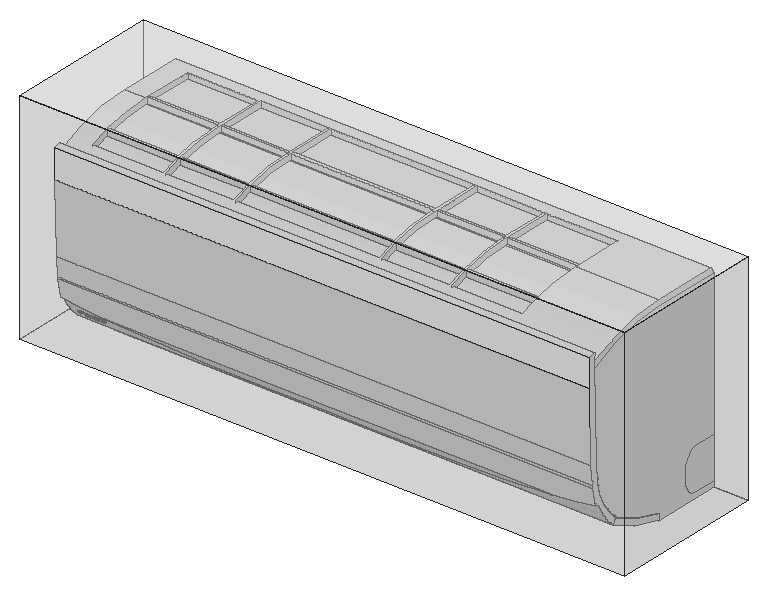
Revit family "outputfile", category 機械設備, Revit 2024
Family settings
  丸型コネクタ寸法 = 半径を使用
  パーツ タイプ = 標準
  OmniClass 番号 = 23.75.10.24.21.27.27
  OmniClass タイトル = Split System Air Conditioning Units
  作業面ベース = いいえ
  常に垂直 = はい
  ロード時にボイドで切り取り = いいえ
  注釈の向きを維持 = いいえ
  共有 = いいえ
  部屋計算ポイント = いいえ
Parameters (values of type "FTKM20Q2VMA")
  書き出し IFC クラス(タイプ) = "IfcUnitaryEquipmentType"
  定義済み IFC タイプ(タイプ) = "AIRCONDITIONINGUNIT"
  Cost = 0
  Type Comments = ""
  Keynote = ""
  Type Image = (empty or 0)
  Assembly Code = ""
  w_wall hole = if(Width = 770.0 mm, 48.0 mm, 60.0 mm)  # 48.0 mm
  製造元 = "Daikin"
  モデル = "FTKM20Q2VMA"
  switch_frequency = yes
  r_Liquid Pipe Size = Liquid Pipe Size / 2  # 3.2 mm
  r_Gas Pipe Size = Gas Pipe Size / 2  # 4.75 mm
  r_Drain Pipe Size = Drain Pipe Size / 2  # 8.0 mm
  lw_powersupply [instance] = if(Width = 770.0 mm, if(or(Rear Right Connection_refrigerant, Bottom Right Connection_refrigerant), 25.0 mm, if(or(Rear Left Connection_refrigerant, Bottom Left Connection_refrigerant), 745.0 mm, 400.0 mm)), if(Width = 990.0 mm, if(or(Rear Right Connection_refrigerant, Bottom Right Connection_refrigerant), 40.0 mm, if(or(Rear Left Connection_refrigerant, Bottom Left Connection_refrigerant), 920.0 mm, 400.0 mm)), if(or(Rear Right Connection_refrigerant, Bottom Right Connection_refrigerant), 40.0 mm, if(or(Rear Left Connection_refrigerant, Bottom Left Connection_refrigerant), 920.0 mm, 400.0 mm))))  # 400.0 mm
  lw_liquidpipe [instance] = if(Width = 770.0 mm, if(or(Rear Right Connection_refrigerant, Bottom Right Connection_refrigerant), 0.0 mm, if(or(Rear Left Connection_refrigerant, Bottom Left Connection_refrigerant), 664.0 mm, 385.0 mm)), if(Width = 990.0 mm, if(or(Rear Right Connection_refrigerant, Bottom Right Connection_refrigerant), 0.0 mm, if(or(Rear Left Connection_refrigerant, Bottom Left Connection_refrigerant), 664.0 mm + (990.0 mm - 770.0 mm), 475.0 mm)), if(or(Rear Right Connection_refrigerant, Bottom Right Connection_refrigerant), 0.0 mm, if(or(Rear Left Connection_refrigerant, Bottom Left Connection_refrigerant), 664.0 mm + (990.0 mm - 770.0 mm), 475.0 mm))))  # 385.0 mm
  lw_gaspipe [instance] = if(Width = 770.0 mm, if(or(Rear Right Connection_refrigerant, Bottom Right Connection_refrigerant), 0.0 mm, if(or(Rear Left Connection_refrigerant, Bottom Left Connection_refrigerant), 675.0 mm, if(Gas Pipe Size = 12.7 mm, 345.0 mm, 335.0 mm))), if(Width = 990.0 mm, if(or(Rear Right Connection_refrigerant, Bottom Right Connection_refrigerant), 10.0 mm, if(or(Rear Left Connection_refrigerant, Bottom Left Connection_refrigerant), 890.0 mm, if(Gas Pipe Size = 15.9 mm, 410.0 mm, 400.0 mm))), if(or(Rear Right Connection_refrigerant, Bottom Right Connection_refrigerant), 10.0 mm, if(or(Rear Left Connection_refrigerant, Bottom Left Connection_refrigerant), 890.0 mm, if(Gas Pipe Size = 15.9 mm, 410.0 mm, 400.0 mm)))))  # 335.0 mm
  lw_drainpipe [instance] = if(Width = 770.0 mm, if(or(Rear Right Connection_refrigerant, Bottom Right Connection_refrigerant), 0.0 mm, if(or(Rear Left Connection_refrigerant, Bottom Left Connection_refrigerant), 770.0 mm - 48.0 mm - 48.0 mm, 440.0 mm)), if(Width = 990.0 mm, if(or(Rear Right Connection_refrigerant, Bottom Right Connection_refrigerant), 0.0 mm, if(or(Rear Left Connection_refrigerant, Bottom Left Connection_refrigerant), 675.0 mm + (990.0 mm - 770.0 mm), 435.0 mm)), if(or(Rear Right Connection_refrigerant, Bottom Right Connection_refrigerant), 0.0 mm, if(or(Rear Left Connection_refrigerant, Bottom Left Connection_refrigerant), 675.0 mm + (990.0 mm - 770.0 mm), 435.0 mm))))  # 440.0 mm
  l_powersupply_length [instance] = if(Width = 770.0 mm, if(Right Connection_refrigerant, 400.0 mm, if(Left Connection_refrigerant, 770.0 mm - 400.0 mm, if(or(Rear Left Connection_refrigerant, Rear Right Connection_refrigerant), 15.0 mm, 50.0 mm))), if(Width = 990.0 mm, if(Right Connection_refrigerant, 400.0 mm, if(Left Connection_refrigerant, 990.0 mm - 400.0 mm, if(or(Rear Left Connection_refrigerant, Rear Right Connection_refrigerant), 15.0 mm, 50.0 mm))), if(Right Connection_refrigerant, 400.0 mm, if(Left Connection_refrigerant, 990.0 mm - 400.0 mm, if(or(Rear Left Connection_refrigerant, Rear Right Connection_refrigerant), 15.0 mm, 50.0 mm)))))  # 400.0 mm
  l_liquidpipe_length [instance] = if(Width = 770.0 mm, if(Right Connection_refrigerant, 433.0 mm, if(Left Connection_refrigerant, 337.0 mm, if(or(Rear Left Connection_refrigerant, Rear Right Connection_refrigerant), 30.0 mm, 40.0 mm))), if(Width = 990.0 mm, if(Right Connection_refrigerant, 535.0 mm, if(Left Connection_refrigerant, 455.0 mm, if(or(Rear Left Connection_refrigerant, Rear Right Connection_refrigerant), 30.0 mm, 40.0 mm))), if(Right Connection_refrigerant, 535.0 mm, if(Left Connection_refrigerant, 455.0 mm, if(or(Rear Left Connection_refrigerant, Rear Right Connection_refrigerant), 30.0 mm, 40.0 mm)))))  # 433.0 mm
  l_gaspipe_length [instance] = if(Width = 770.0 mm, if(Right Connection_refrigerant, if(Gas Pipe Size = 12.7 mm, 393.0 mm, 383.0 mm), if(Left Connection_refrigerant, if(Gas Pipe Size = 12.7 mm, 770.0 mm - 393.0 mm, 770.0 mm - 383.0 mm), if(or(Rear Left Connection_refrigerant, Rear Right Connection_refrigerant), 40.0 mm, 50.0 mm))), if(Width = 990.0 mm, if(Right Connection_refrigerant, if(Gas Pipe Size = 15.9 mm, 470.0 mm, 460.0 mm), if(Left Connection_refrigerant, if(Gas Pipe Size = 15.9 mm, 990.0 mm - 470.0 mm, 990.0 mm - 460.0 mm), if(or(Rear Left Connection_refrigerant, Rear Right Connection_refrigerant), 40.0 mm, 50.0 mm))), if(Right Connection_refrigerant, if(Gas Pipe Size = 15.9 mm, 470.0 mm, 460.0 mm), if(Left Connection_refrigerant, if(Gas Pipe Size = 15.9 mm, 990.0 mm - 470.0 mm, 990.0 mm - 460.0 mm), if(or(Rear Left Connection_refrigerant, Rear Right Connection_refrigerant), 40.0 mm, 50.0 mm)))))  # 383.0 mm
  l_drainpipe_length [instance] = if(Width = 770.0 mm, if(Right Connection_refrigerant, 488.0 mm, if(Left Connection_refrigerant, 282.0 mm, if(or(Rear Left Connection_refrigerant, Rear Right Connection_refrigerant), 15.0 mm, 20.0 mm))), if(Width = 990.0 mm, if(Right Connection_refrigerant, 495.0 mm, if(Left Connection_refrigerant, 495.0 mm, if(or(Rear Left Connection_refrigerant, Rear Right Connection_refrigerant), 15.0 mm, 20.0 mm))), if(Right Connection_refrigerant, 495.0 mm, if(Left Connection_refrigerant, 495.0 mm, if(or(Rear Left Connection_refrigerant, Rear Right Connection_refrigerant), 15.0 mm, 20.0 mm)))))  # 488.0 mm
  h*** = 0.0 mm  # constant formula
  connector_voltage = Voltage_50Hz  # 230 V
  connector_powerinput = [Power Input (Cooling)]  # 0.000 kW
  connector_phase = Phase_50Hz  # 1
  angle_vertical [instance] = if(or(Bottom Left Connection_refrigerant, Bottom Right Connection_refrigerant), 0.00°, 90.00°)  # 90.00°
  angle_horizontal [instance] = if(Right Connection_refrigerant, 90.00°, if(Left Connection_refrigerant, -90.00°, if(or(Rear Left Connection_refrigerant, Rear Right Connection_refrigerant), 180.00°, 0.00°)))  # 90.00°
  Width = 770.0 mm
  Voltage_comment_50Hz = "220 - 240"
  Voltage_50Hz = 230 V
  Version = "ver.1.0"
  Unit Type = "Wall Mounted"
  Unit Mass Weight = 9.00 kg
  Unit Designation [instance] = ""
  Uniclass2015Version = "Products v1.30"
  Uniclass2015Title = "Split coil room air conditioning units"
  Uniclass2015Code = "Pr_70_65_03_86"
  URL = ""
  Total Cooling Capacity [instance] = 0.000 kW
  Sound Pressure Level_M speed (dBA) = 32
  Sound Pressure Level_L speed (dBA) = 25
  Sound Pressure Level_H speed (dBA) = 38
  Sound Power Level_H speed (dB) = 0
  Series = "Single Split_Fan Coil Unit"
  Sensible Cooling Capacity [instance] = 0.000 kW
  Refrigerant Type = "R32"
  Power Input (Cooling) = 0.000 kW
  Phase_50Hz = 1
  Option Accessory 3 [instance] = ""
  Option Accessory 2 [instance] = ""
  Option Accessory 1 [instance] = ""
  Nominal Cooling Capacity = 2.000 kW
  Minimum Circuit Amps_50Hz = 0.0 A
  Minimum Airflow = 300.00 m³/h
  Median Airflow = 426.00 m³/h
  Maximum Fuse Amps_50Hz = 0.0 A
  Maximum Airflow = 546.00 m³/h
  Material_Casing = DAIKIN_PureWhite_Casing_indoorunit
  Load Classification = HVAC
  Liquid Pipe Size = 6.4 mm
  Link_Nested Family [instance] = ""
  IfcVersion = ""
  IfcExportType = "AIRCONDITIONINGUNIT"
  IfcExportAs = "IfcUnitaryEquipmentType"
  Height = 285.0 mm
  Heat Exchanger Type = "Cross Fin Coil"
  Gas Pipe Size = 9.5 mm
  Frequency_50Hz = 50 Hz
  Fan Type = "Cross Flow Fan"
  Fan Drive = "Direct Drive"
  FCU Tag No. [instance] = ""
  Drain Pipe Size = 16.0 mm
  Design Supply Airflow [instance] = 0.00 m³/h
  Description = ""
  Depth = 223.0 mm
  既定の高さ = 0.0 mm
  Cooling Entering Wet Bulb Temperature [instance] = 0.00 °C
  Cooling Entering Dry Bulb Temperature [instance] = 0.00 °C
  Cooling Ambient Wet Bulb Temperature [instance] = 0.00 °C
  Cooling Ambient Dry Bulb Temperature [instance] = 0.00 °C
  Clearance visibility [instance] = yes
  Clearance Top = 30.0 mm
  Clearance Right = 50.0 mm
  Clearance Rear = 0.0 mm
  Clearance Left = 50.0 mm
  Clearance Front = 0.0 mm
  Clearance Bottom = 0.0 mm
  Bottom Right Connection_refrigerant [instance] = no
  Bottom Left Connection_refrigerant [instance] = no
  Rear Right Connection_refrigerant [instance] = no
  Rear Left Connection_refrigerant [instance] = no
  Right Connection_refrigerant [instance] = yes
  Left Connection_refrigerant [instance] = no
Reference planes
  plane 1 "Back": y = 0
  plane 2: z = 0
  plane 3 "Center (Left/Right)": x = 0
  plane 4 "Center (Front/Back)": y = -111.5
  plane 5 "Front": y = -223
  plane 6 "Left": x = -385
  plane 7 "Right": x = 385
  plane 8 "Top": z = 0
  plane 9 "Bottom": z = -285
  plane 10: x = -435
  plane 11: x = 435
  plane 12: y = 0
  plane 13: y = -223
  plane 14: z = 30
  plane 15: z = -285
  plane 16 "lw_Piping and Wiring intake": x = 337
  plane 17 "lw_gaspipe": x = 2
  plane 18 "lw_liquidpipe": x = -48
  plane 19 "lw_drainpipe": x = -103
  plane 20 "lh_drainpipe": z = -265
  plane 21 "lh_liquidpipe": z = -245
  plane 22 "lh_gaspipe": z = -235
  plane 23 "ld_drainpipe": y = -15
  plane 24 "ld_liquidpipe": y = -30
  plane 25 "ld_gaspipe": y = -40
  plane 26 "lw_powersupply": x = -15
Dimensions and locks
  equal spacing: plane 6 "Left", plane 3 "Center (Left/Right)", plane 7 "Right"
  "Width": plane 6 "Left" to plane 7 "Right"
  equal spacing: plane 5 "Front", plane 4 "Center (Front/Back)", plane 1 "Back"
  "Depth": plane 5 "Front" to plane 1 "Back"
  "Height": plane 8 "Top" to plane 9 "Bottom"
  "Clearance Rear": plane 12 to plane 1 "Back"
  "Clearance Front": plane 13 to plane 5 "Front"
  "Clearance Top": plane 14 to plane 8 "Top"
  "Clearance Bottom": plane 9 "Bottom" to plane 15
  "w_wall hole": plane 16 "lw_Piping and Wiring intake" to plane 7 "Right"
  "lw_gaspipe": plane 17 "lw_gaspipe" to plane 16 "lw_Piping and Wiring intake"
  "lw_liquidpipe": plane 18 "lw_liquidpipe" to plane 16 "lw_Piping and Wiring intake"
  "lw_drainpipe": plane 19 "lw_drainpipe" to plane 16 "lw_Piping and Wiring intake"
  locked: plane 20 "lh_drainpipe" to plane 9 "Bottom" at 20
  locked: plane 21 "lh_liquidpipe" to plane 9 "Bottom" at 40
  locked: plane 22 "lh_gaspipe" to plane 9 "Bottom" at 50
  locked: plane 23 "ld_drainpipe" to plane 1 "Back" at 15
  locked: plane 1 "Back" to plane 24 "ld_liquidpipe" at 30
  locked: plane 1 "Back" to plane 25 "ld_gaspipe" at 40
  "lw_powersupply": plane 26 "lw_powersupply" to plane 7 "Right"
  "Clearance Right": plane 7 "Right" to plane 11
  "Clearance Left": plane 10 to plane 6 "Left"
  aligned and locked: level to plane 2
  aligned and locked: plane 12 to nested 1
  aligned and locked: nested 1 to plane 13
  aligned and locked: plane 10 to nested 1
  aligned and locked: plane 11 to nested 1
  aligned and locked: plane 15 to nested 1
  aligned and locked: plane 14 to nested 1
  aligned and locked: plane 17 "lw_gaspipe" to nested 2
  aligned and locked: nested 2 to plane 25 "ld_gaspipe"
  aligned and locked: plane 18 "lw_liquidpipe" to nested 3
  aligned and locked: nested 3 to plane 24 "ld_liquidpipe"
  aligned and locked: plane 19 "lw_drainpipe" to nested 4
  aligned and locked: nested 4 to plane 23 "ld_drainpipe"
  aligned and locked: nested 5 to plane 23 "ld_drainpipe"
  aligned and locked: plane 26 "lw_powersupply" to nested 5
  aligned and locked: level to plane 8 "Top"
  aligned and locked: plane 3 "Center (Left/Right)" to nested 6
  aligned and locked: plane 1 "Back" to nested 6
  aligned and locked: plane 8 "Top" to nested 6
Nested families
  nested 1: "daikin_clearancespace" at (0, -111.5, -127.381), show <- "Clearance visibility", visible <- "Clearance visibility", Link_Nested Family <- "Link_Nested Family", type "daikin_clearancespace"
    with width 870.0 mm, show yes, height 315.0 mm, depth 223.0 mm, Link_Nested Family ""
  nested 2: "daikin_connector_rotate3" at (2, -40, -235), angle_vertical <- "angle_vertical", angle_horizontal <- "angle_horizontal", length <- "l_gaspipe_length", radius <- "r_Gas Pipe Size", type "daikin_connector_rotate3"
    with show no, radius 4.75 mm, length 383.0 mm, angle_vertical 90.00°, angle_horizontal 90.00°
  nested 3: "daikin_connector_rotate3" at (-48, -30, -245), angle_vertical <- "angle_vertical", angle_horizontal <- "angle_horizontal", radius <- "r_Liquid Pipe Size", length <- "l_liquidpipe_length", type "daikin_connector_rotate3"
    with show no, radius 3.2 mm, length 433.0 mm, angle_vertical 90.00°, angle_horizontal 90.00°
  nested 4: "daikin_connector_rotate3" at (-103, -15, -265), angle_vertical <- "angle_vertical", angle_horizontal <- "angle_horizontal", length <- "l_drainpipe_length", radius <- "r_Drain Pipe Size", type "daikin_connector_rotate3"
    with show no, radius 8.0 mm, length 488.0 mm, angle_vertical 90.00°, angle_horizontal 90.00°
  nested 5: "daikin_connector_rotate3" at (-15, -15, -235), angle_vertical <- "angle_vertical", angle_horizontal <- "angle_horizontal", length <- "l_powersupply_length", type "daikin_connector_rotate3"
    with show no, radius 10.0 mm, length 400.0 mm, angle_vertical 90.00°, angle_horizontal 90.00°
  nested 6: "DAIKIN_indoorunit_FTKM-Q2VMA" at (-31, 0, 0), type "FTKM-Q2VMA"
Connectors
  piping at (385, -40, -235), diameter 9.5, driven by "r_Gas Pipe Size"
    settings: on nested 2, index 1, connector inside diameter 609.6 mm, connector length 0.0 mm, flow factor 0, pipe flow 0.00 m³/h, pressure drop 0.0 Pa, fitting loss kfactor 0, connector angle 0.00°, fixture units 0, engagement length 0.0 mm, angle of deflection 0.00°, flow configuration 1, flow direction 2, fitting loss method 0, system type 29, joint type 0, gender type 0, connector reference index -1, connector utility 0, adjustable connector no, is connector primary yes, connector description "Refrigerant Gas Piping"
  piping at (385, -30, -245), diameter 6.4, driven by "r_Liquid Pipe Size"
    settings: on nested 3, index 2, connector inside diameter 609.6 mm, connector length 0.0 mm, flow factor 0, pipe flow 0.00 m³/h, pressure drop 0.0 Pa, fitting loss kfactor 0, connector angle 0.00°, fixture units 0, engagement length 0.0 mm, angle of deflection 0.00°, flow configuration 1, flow direction 1, fitting loss method 0, system type 29, joint type 0, gender type 0, connector reference index -1, connector utility 0, adjustable connector no, is connector primary no, connector description "Refrigerant Liquid Piping"
  piping at (385, -15, -265), diameter 16, driven by "r_Drain Pipe Size"
    settings: on nested 4, index 3, connector inside diameter 609.6 mm, connector length 0.0 mm, flow factor 0, pipe flow 0.00 m³/h, pressure drop 0.0 Pa, fitting loss kfactor 0, connector angle 0.00°, fixture units 0, engagement length 0.0 mm, angle of deflection 0.00°, flow configuration 1, flow direction 2, fitting loss method 4, system type 16, joint type 0, gender type 0, connector reference index -1, connector utility 0, adjustable connector no, is connector primary no, connector description "Condensate Drain Piping"
  electrical at (385, -15, -235), driven by "Load Classification", driven by "connector_powerinput", driven by "connector_voltage", driven by "connector_phase"
    settings: on nested 5, index 4, voltage 230 V, apparent load 0 VA, apparent load phase1 0 VA, apparent load phase2 0 VA, apparent load phase3 0 VA, power factor 1, load classification "HVAC", number of poles 1, system type 30, power factor state 1, is connector primary yes, connector utility no, sub classification motor no, connector description "Power Supply"
Definition of nested family "daikin_clearancespace"
  Parameters (values of type "daikin_clearancespace")
    Description = "daikin_clearancespace"
    width [instance] = 1823.963 mm
    show [instance] = yes
    material = none
    height [instance] = 1359.762 mm
    depth [instance] = 880.0 mm
    Default Elevation = 0.0 mm
    Link_Nested Family [instance] = ""
  Reference planes
    plane 1 "Center (Front/Back)": y = 0
    plane 2 "Center (Elevation)": z = -0.119
    plane 3 "Center (Left/Right)": x = 0
    plane 4: y = 440
    plane 5: y = -440
    plane 6 "Right": x = 911.982
    plane 7 "Left": x = -911.982
    plane 8 "Top": z = 679.762
    plane 9 "Bottom": z = -680
  Forms (mm)
    Extrusion 1, solid, material <- "material", visible <- "show"
      sketch origin (0, 0, 0) x (1, 0, 0) y (0, 1, 0)
        loop
          line (-911.982, 440) -> (-911.982, -440) -> (911.982, -440) -> (911.982, 440) -> (-911.982, 440)
      from -680 to 679.762
  Lines and regions (mm)
    symbolic lines, visible <- "show"
      curve 1: line (911.982, 440, 0) -> (-911.982, 440, 0)
      curve 2: line (-911.982, 440, 0) -> (-911.982, -440, 0)
      curve 3: line (-911.982, -440, 0) -> (911.982, -440, 0)
      curve 4: line (911.982, -440, 0) -> (911.982, 440, 0)
      curve 5: line (911.982, 0, 679.762) -> (-911.982, 0, 679.762)
      curve 6: line (911.982, 0, -680) -> (911.982, 0, 679.762)
      curve 7: line (-911.982, 0, -680) -> (911.982, 0, -680)
      curve 8: line (-911.982, 0, 679.762) -> (-911.982, 0, -680)
      curve 9: line (0, 440, 679.762) -> (0, -440, 679.762)
      curve 10: line (0, -440, 679.762) -> (0, -440, -680)
      curve 11: line (0, 440, -680) -> (0, 440, 679.762)
      curve 12: line (0, -440, -680) -> (0, 440, -680)
  Dimensions and locks
    "width": plane 7 "Left" to plane 6 "Right"
    "depth": plane 4 to plane 5
    "height": plane 8 "Top" to plane 9 "Bottom"
    equal spacing: plane 7 "Left", plane 3 "Center (Left/Right)", plane 6 "Right"
    equal spacing: plane 4, plane 1 "Center (Front/Back)", plane 5
    equal spacing: plane 8 "Top", plane 2 "Center (Elevation)", plane 9 "Bottom"
    aligned and locked: level to plane 2 "Center (Elevation)"
    aligned and locked: Extrusion 1 sketch curve to plane 4
    aligned and locked: plane 7 "Left" to Extrusion 1 sketch curve
    aligned and locked: Extrusion 1 sketch curve to plane 5
    aligned and locked: Extrusion 1 sketch curve to plane 6 "Right"
    aligned and locked: plane 8 "Top" to Extrusion 1
    aligned and locked: curve 1 to Extrusion 1
    aligned and locked: curve 2 to Extrusion 1
    aligned and locked: curve 3 to Extrusion 1
    aligned and locked: curve 4 to Extrusion 1
    aligned and locked: curve 5 to Extrusion 1
    aligned and locked: curve 6 to Extrusion 1
    aligned and locked: curve 7 to Extrusion 1
    aligned and locked: curve 8 to Extrusion 1
    aligned and locked: curve 9 to Extrusion 1
    aligned and locked: curve 10 to Extrusion 1
    aligned and locked: curve 11 to Extrusion 1
    aligned and locked: curve 12 to Extrusion 1
    aligned and locked: Extrusion 1 to plane 9 "Bottom"
Definition of nested family "DAIKIN_indoorunit_FTKM-Q2VMA"
  Parameters (values of type "FTKM-QVMA")
    switch_unit1_50-71 = Width = 990.0 mm  # no
    switch_unit1_20-46 = Width = 770.0 mm  # yes
    Width = 770.0 mm
    WALL HOLE-R = if(Width = 770.0 mm, 48.0 mm, 60.0 mm)  # 48.0 mm
    WALL HOLE Size = if(Width = 770.0 mm, 65.0 mm, 80.0 mm)  # 65.0 mm
    Material_Casing = none
    Height = if(Width = 770.0 mm, 285.0 mm, 295.0 mm)  # 285.0 mm
    Default Elevation = 0.0 mm
  Reference planes
    plane 1 "Center (Front/Back)": y = 0
    plane 2 "reference_level": z = 0
    plane 3 "Center (Left/Right)": x = 31
    plane 4: x = -354
    plane 5: x = 416
    plane 6: z = -285
  Forms (mm)
    Extrusion 1, solid, material <- "Material_Casing", visible <- "switch_unit1_20-46"
      sketch origin (29, 0, 0) x (0, 1, 0) y (0, 0, 1)
        loop
          line (-5, 0) -> (-98, 0)
          arc (-98, 0) -> (-157.611, -7.211) -> (-213.783, -28.427) r 250
          arc (-213.783, -28.427) -> (-213.842, -32.972) -> (-213.892, -37.516) r 2191
          arc (-213.892, -37.516) -> (-157.832, -15.495) -> (-98.07, -8) r 242
          line (-98.07, -8) -> (0, -8) -> (-5, 0)
      from -383 to 387
    Extrusion 2, solid, material <- "Material_Casing", visible <- "switch_unit1_20-46"
      sketch origin (416, 1296.25, 1200) x (0, 1, 0) y (0, 0, 1)
        loop
          line (-1472.998, -1446.91) -> (-1476.998, -1453.839)
          arc (-1476.998, -1453.839) -> (-1437.481, -1472.422) -> (-1395.25, -1483.538) r 240
          line (-1395.25, -1483.538) -> (-1395.25, -1475.422)
          arc (-1395.25, -1475.422) -> (-1435.407, -1464.663) -> (-1472.998, -1446.91) r 232
      from 0 to -47.5
    Extrusion 3, solid, material <- "Material_Casing", visible <- "switch_unit1_20-46"
      sketch origin (29, 0, 0) x (0, 1, 0) y (0, 0, 1)
        loop
          arc (-223, -60.455) -> (-222.414, -110.646) -> (-220.656, -160.81) r 2149.92
          arc (-220.656, -160.81) -> (-219.65, -174.299) -> (-217.853, -187.706) r 229.911
          arc (-217.853, -187.706) -> (-205.371, -223.594) -> (-181.517, -253.17) r 111
          line (-181.517, -253.17) -> (-177.429, -246.093)
          arc (-177.429, -246.093) -> (-198.77, -218.989) -> (-209.965, -186.36) r 103
          arc (-209.965, -186.36) -> (-211.681, -173.586) -> (-212.651, -160.735) r 221.844
          arc (-212.651, -160.735) -> (-214.739, -93.233) -> (-214.74, -25.699) r 2186.828
          arc (-214.74, -25.699) -> (-214.671, -21.467) -> (-214.594, -17.235) r 2192
          line (-214.594, -17.235) -> (-223, -19.961) -> (-223, -60.455)
      from -383 to 387
    Extrusion 4, solid, material <- "Material_Casing", visible <- "switch_unit1_20-46"
      sketch origin (29, 0, 0) x (0, 1, 0) y (0, 0, 1)
        loop
          line (-181.517, -253.17) -> (-179.597, -249.846)
          arc (-179.597, -249.846) -> (-202.009, -221.399) -> (-213.189, -186.952) r 103
          line (-213.189, -186.952) -> (-217.853, -187.706)
          arc (-217.853, -187.706) -> (-217.533, -189.556) -> (-217.182, -191.4) r 111
          arc (-217.182, -191.4) -> (-213.806, -208.181) -> (-210.362, -224.948) r 4257.809
          arc (-210.362, -224.948) -> (-198.886, -237.857) -> (-186.225, -249.607) r 180
          line (-186.225, -249.607) -> (-181.517, -253.17)
      from -383 to 387
    Extrusion 5, solid, material <- "Material_Casing", visible <- "switch_unit1_20-46"
      sketch origin (29, 0, -20) x (0, 1, 0) y (0, 0, 1)
        loop
          line (0, -265) -> (0, 12) -> (-98.07, 12)
          arc (-98.07, 12) -> (-157.832, 4.505) -> (-213.892, -17.516) r 242
          arc (-213.892, -17.516) -> (-213.638, -79.114) -> (-211.653, -140.681) r 2191
          arc (-211.653, -140.681) -> (-210.685, -153.501) -> (-208.973, -166.243) r 221
          arc (-208.973, -166.243) -> (-197.471, -199.282) -> (-175.482, -226.491) r 102
          arc (-175.482, -226.491) -> (-138.004, -244.019) -> (-98, -254.579) r 231
          line (-98, -254.579) -> (-98, -265) -> (0, -265)
      from -383 to 387
    Extrusion 6, solid, material <- "Material_Casing", visible <- "switch_unit1_20-46"
      sketch origin (-354, 1296.25, 1200) x (0, 1, 0) y (0, 0, 1)
        loop
          line (-1472.998, -1446.91) -> (-1476.998, -1453.839)
          arc (-1476.998, -1453.839) -> (-1437.481, -1472.422) -> (-1395.25, -1483.538) r 240
          line (-1395.25, -1483.538) -> (-1395.25, -1475.422)
          arc (-1395.25, -1475.422) -> (-1435.407, -1464.663) -> (-1472.998, -1446.91) r 232
      from 47 to 0
    Extrusion 7, solid, material <- "Material_Casing", visible <- "switch_unit1_20-46"
      sketch origin (416, 1296.25, 1200) x (0, 1, 0) y (0, 0, 1)
        loop
          line (-1472.998, -1446.91) -> (-1476.998, -1453.839)
          arc (-1476.998, -1453.839) -> (-1443.437, -1470.168) -> (-1407.75, -1481.097) r 240
          line (-1407.75, -1481.097) -> (-1407.75, -1472.894)
          arc (-1407.75, -1472.894) -> (-1441.363, -1462.385) -> (-1472.998, -1446.91) r 232
      from -116.993 to -48.493
    Extrusion 8, solid, material <- "Material_Casing", visible <- "switch_unit1_20-46"
      sketch origin (416, 1296.25, 1200) x (0, 1, 0) y (0, 0, 1)
        loop
          line (-1472.998, -1446.91) -> (-1476.998, -1453.839)
          arc (-1476.998, -1453.839) -> (-1443.437, -1470.168) -> (-1407.75, -1481.097) r 240
          line (-1407.75, -1481.097) -> (-1407.75, -1472.894)
          arc (-1407.75, -1472.894) -> (-1441.363, -1462.385) -> (-1472.998, -1446.91) r 232
      from -717 to -121.993
    Extrusion 9, void
      sketch origin (31, 0, -235) x (1, 0, 0) y (0, 1, 0)
        loop
          line (-252.674, -22.316) -> (-354.941, -22.316) -> (-354.941, -91.341) -> (-252.674, -91.341) -> (-252.674, -22.316)
        loop
          line (-249.341, -91.341) -> (-151.574, -91.341) -> (-151.574, -22.316) -> (-249.341, -22.316) -> (-249.341, -91.341)
        loop
          line (58.309, -22.316) -> (-148.309, -22.316) -> (-148.309, -91.341) -> (58.309, -91.341) -> (58.309, -22.316)
        loop
          line (61.689, -22.316) -> (61.689, -91.341) -> (159.457, -91.341) -> (159.457, -22.316) -> (61.689, -22.316)
        loop
          line (162.789, -22.316) -> (162.789, -91.341) -> (265.057, -91.341) -> (265.057, -22.316) -> (162.789, -22.316)
        loop
          line (-354.941, -94.659) -> (-354.941, -165.259) -> (-252.674, -165.259) -> (-252.674, -94.659) -> (-354.941, -94.659)
        loop
          line (-249.341, -94.659) -> (-249.341, -165.259) -> (-151.574, -165.259) -> (-151.574, -94.659) -> (-249.341, -94.659)
        loop
          line (-148.309, -94.659) -> (-148.309, -165.259) -> (58.309, -165.259) -> (58.309, -94.659) -> (-148.309, -94.659)
        loop
          line (61.689, -94.659) -> (61.689, -165.259) -> (159.457, -165.259) -> (159.457, -94.659) -> (61.689, -94.659)
        loop
          line (162.789, -94.659) -> (162.789, -165.259) -> (265.057, -165.259) -> (265.057, -94.659) -> (162.789, -94.659)
        loop
          line (-354.941, -167.382) -> (-354.941, -192.681) -> (-252.674, -192.681) -> (-252.674, -167.382) -> (-354.941, -167.382)
        loop
          line (-249.341, -167.382) -> (-249.341, -192.681) -> (-151.574, -192.681) -> (-151.574, -167.382) -> (-249.341, -167.382)
        loop
          line (-148.309, -167.382) -> (-148.309, -192.681) -> (58.309, -192.681) -> (58.309, -167.382) -> (-148.309, -167.382)
        loop
          line (159.457, -167.382) -> (61.689, -167.382) -> (61.689, -192.681) -> (159.457, -192.681) -> (159.457, -167.382)
        loop
          line (265.057, -167.382) -> (162.789, -167.382) -> (162.789, -192.681) -> (265.057, -192.681) -> (265.057, -167.382)
      from 201.638 to 250
    Extrusion 10, void
      sketch origin (31, 0, 0) x (1, 0, 0) y (0, 0, 1)
        loop
          arc (597, -174.907) -> (0.056, -245.263) -> (-597, -175.856) r 2585.042
          line (-597, -175.856) -> (-597, -352.872) -> (597, -352.872) -> (597, -174.907)
      from 173 to 315.3
    Extrusion 11, solid, material <- "Material_Casing"
      sketch origin (31, 0, 0) x (1, 0, 0) y (0, 0, 1)
        loop
          circle (337, -240.5) r 32.5
        loop
          circle (-337, -240.5) r 32.5
      from 0 to 5
    Extrusion 12, solid, material <- "Material_Casing", visible <- "switch_unit1_20-46"
      sketch origin (416, 1296.25, 1200) x (0, -1, 0) y (0, 0, 1)
        loop
          line (1326.25, -1417) -> (1296.25, -1417) -> (1296.25, -1477) -> (1326.25, -1477)
          arc (1326.25, -1477) -> (1340.393, -1471.142) -> (1346.25, -1457) r 20
          line (1346.25, -1457) -> (1346.25, -1437)
          arc (1346.25, -1437) -> (1340.393, -1422.858) -> (1326.25, -1417) r 20
      from 0 to 5
    Extrusion 13, solid, material <- "Material_Casing", visible <- "switch_unit1_20-46"
      sketch origin (-354, 1296.25, 1200) x (0, 1, 0) y (0, 0, 1)
        loop
          line (-1296.25, -1417) -> (-1326.25, -1417)
          arc (-1326.25, -1417) -> (-1340.393, -1422.858) -> (-1346.25, -1437) r 20
          line (-1346.25, -1437) -> (-1346.25, -1457)
          arc (-1346.25, -1457) -> (-1340.393, -1471.142) -> (-1326.25, -1477) r 20
          line (-1326.25, -1477) -> (-1296.25, -1477) -> (-1296.25, -1417)
      from 0 to 5
    Extrusion 14, solid, material <- "Material_Casing", visible <- "switch_unit1_20-46"
      sketch origin (31, 0, -285) x (-1, 0, 0) y (0, -1, 0)
        loop
          line (-314, 0) -> (-314, 30)
          arc (-314, 30) -> (-319.858, 44.142) -> (-334, 50) r 20
          line (-334, 50) -> (-354, 50)
          arc (-354, 50) -> (-368.142, 44.142) -> (-374, 30) r 20
          line (-374, 30) -> (-374, 0) -> (-314, 0)
        loop
          line (374, 0) -> (374, 30)
          arc (374, 30) -> (368.142, 44.142) -> (354, 50) r 20
          line (354, 50) -> (334, 50)
          arc (334, 50) -> (319.858, 44.142) -> (314, 30) r 20
          line (314, 30) -> (314, 0) -> (374, 0)
      from 0 to 5
    Extrusion 15, solid, material <- "Material_Casing", visible <- "switch_unit1_50-71"
      sketch origin (31, 0, 0) x (0, 1, 0) y (0, 0, 1)
        loop
          line (-5, 0) -> (-138, 0)
          arc (-138, 0) -> (-197.611, -7.211) -> (-253.783, -28.427) r 250
          arc (-253.783, -28.427) -> (-253.838, -32.687) -> (-253.886, -36.946) r 2191
          arc (-253.886, -36.946) -> (-197.73, -15.346) -> (-138.014, -8) r 246.393
          line (-138.014, -8) -> (0, -8) -> (-5, 0)
      from -495 to 495
    Extrusion 16, solid, material <- "Material_Casing", visible <- "switch_unit1_50-71"
      sketch origin (418, 1296.25, 1200) x (0, 1, 0) y (0, 0, 1)
        loop
          arc (-1515.208, -1454.149) -> (-1506.856, -1460.599) -> (-1497.925, -1466.219) r 110
          arc (-1497.925, -1466.219) -> (-1445.718, -1487.493) -> (-1389.844, -1494.995) r 223
          line (-1389.844, -1494.995) -> (-1389.844, -1486.086) -> (-1404.386, -1486.086)
          arc (-1404.386, -1486.086) -> (-1449.542, -1477.46) -> (-1491.818, -1459.402) r 214.289
          arc (-1491.818, -1459.402) -> (-1501.056, -1453.541) -> (-1509.606, -1446.715) r 101
          line (-1509.606, -1446.715) -> (-1515.208, -1454.149)
      from 108 to 57.5
    Extrusion 17, solid, material <- "Material_Casing", visible <- "switch_unit1_50-71"
      sketch origin (31, 0, 0) x (0, 1, 0) y (0, 0, 1)
        loop
          line (-263, -19.962) -> (-263, -61.6)
          arc (-263, -61.6) -> (-262.414, -110.219) -> (-260.656, -158.81) r 2017.341
          arc (-260.656, -158.81) -> (-255.648, -191.935) -> (-244.041, -223.362) r 164.725
          arc (-244.041, -223.362) -> (-233.569, -239.793) -> (-219.717, -253.495) r 87.379
          line (-219.717, -253.495) -> (-214.706, -246.846)
          arc (-214.706, -246.846) -> (-229.564, -230.029) -> (-240.385, -210.371) r 102
          arc (-240.385, -210.371) -> (-249.049, -182.962) -> (-252.848, -154.467) r 165.789
          arc (-252.848, -154.467) -> (-254.771, -90.102) -> (-254.74, -25.708) r 2122.533
          arc (-254.74, -25.708) -> (-254.671, -21.469) -> (-254.594, -17.23) r 2192
          line (-254.594, -17.23) -> (-263, -19.962)
      from -495 to 495
    Extrusion 18, void
      sketch origin (33, 0, 0) x (1, 0, 0) y (0, 1, 0)
        loop
          line (-466.909, -22.316) -> (-466.909, -111.341) -> (-366.303, -111.341) -> (-366.303, -22.316) -> (-466.909, -22.316)
        loop
          line (-362.71, -22.316) -> (-362.71, -111.341) -> (-262.103, -111.341) -> (-262.103, -22.316) -> (-362.71, -22.316)
        loop
          line (-258.51, -22.316) -> (-258.51, -111.341) -> (-157.904, -111.341) -> (-157.904, -22.316) -> (-258.51, -22.316)
        loop
          line (-154.31, -22.316) -> (-154.31, -111.341) -> (-53.704, -111.341) -> (-53.704, -22.316) -> (-154.31, -22.316)
        loop
          line (-50.11, -22.316) -> (-50.11, -111.341) -> (50.496, -111.341) -> (50.496, -22.316) -> (-50.11, -22.316)
        loop
          line (54.089, -22.316) -> (54.089, -111.341) -> (154.696, -111.341) -> (154.696, -22.316) -> (54.089, -22.316)
        loop
          line (158.289, -22.316) -> (158.289, -111.341) -> (258.895, -111.341) -> (258.895, -22.316) -> (158.289, -22.316)
        loop
          line (262.489, -22.316) -> (262.489, -111.341) -> (363.095, -111.341) -> (363.095, -22.316) -> (262.489, -22.316)
        loop
          line (-466.909, -114.459) -> (-466.909, -185.059) -> (-366.303, -185.059) -> (-366.303, -114.459) -> (-466.909, -114.459)
        loop
          line (-362.71, -114.459) -> (-362.71, -185.059) -> (-262.103, -185.059) -> (-262.103, -114.459) -> (-362.71, -114.459)
        loop
          line (-258.51, -114.459) -> (-258.51, -185.059) -> (-157.904, -185.059) -> (-157.904, -114.459) -> (-258.51, -114.459)
        loop
          line (-154.31, -114.459) -> (-154.31, -185.059) -> (-53.704, -185.059) -> (-53.704, -114.459) -> (-154.31, -114.459)
        loop
          line (-50.11, -114.459) -> (-50.11, -185.059) -> (50.496, -185.059) -> (50.496, -114.459) -> (-50.11, -114.459)
        loop
          line (54.089, -114.459) -> (54.089, -185.059) -> (154.696, -185.059) -> (154.696, -114.459) -> (54.089, -114.459)
        loop
          line (158.289, -114.459) -> (158.289, -185.059) -> (258.895, -185.059) -> (258.895, -114.459) -> (158.289, -114.459)
        loop
          line (262.489, -114.459) -> (262.489, -185.059) -> (363.095, -185.059) -> (363.095, -114.459) -> (262.489, -114.459)
        loop
          line (-466.909, -187.382) -> (-466.909, -232.681) -> (-366.303, -232.681) -> (-366.303, -187.382) -> (-466.909, -187.382)
        loop
          line (-362.71, -187.382) -> (-362.71, -232.681) -> (-262.103, -232.681) -> (-262.103, -187.382) -> (-362.71, -187.382)
        loop
          line (-258.51, -187.382) -> (-258.51, -232.681) -> (-157.904, -232.681) -> (-157.904, -187.382) -> (-258.51, -187.382)
        loop
          line (-154.31, -187.382) -> (-154.31, -232.681) -> (-53.704, -232.681) -> (-53.704, -187.382) -> (-154.31, -187.382)
        loop
          line (-50.11, -187.382) -> (-50.11, -232.681) -> (50.496, -232.681) -> (50.496, -187.382) -> (-50.11, -187.382)
        loop
          line (54.089, -187.382) -> (54.089, -232.681) -> (154.696, -232.681) -> (154.696, -187.382) -> (54.089, -187.382)
        loop
          line (158.289, -187.382) -> (158.289, -232.681) -> (258.895, -232.681) -> (258.895, -187.382) -> (158.289, -187.382)
        loop
          line (262.489, -187.382) -> (262.489, -232.681) -> (363.095, -232.681) -> (363.095, -187.382) -> (262.489, -187.382)
      from -40.013 to 47.268
    Extrusion 19, void
      sketch origin (33, 0, 2300) x (1, 0, 0) y (0, 0, 1)
        loop
          line (705, -2672.872) -> (705, -2462.4)
          arc (705, -2462.4) -> (-2.043, -2534.819) -> (-709, -2461.567) r 3467.757
          line (-709, -2461.567) -> (-709, -2672.872) -> (705, -2672.872)
      from 173 to 315.3
    Extrusion 20, solid, material <- "Material_Casing", visible <- "switch_unit1_50-71"
      sketch origin (-356, 1296.25, 1200) x (0, 1, 0) y (0, 0, -1)
        loop
          line (-1515.208, 1454.149) -> (-1509.606, 1446.715)
          arc (-1509.606, 1446.715) -> (-1501.056, 1453.541) -> (-1491.818, 1459.402) r 101
          arc (-1491.818, 1459.402) -> (-1449.542, 1477.46) -> (-1404.386, 1486.086) r 214.289
          line (-1404.386, 1486.086) -> (-1389.844, 1486.086) -> (-1389.844, 1494.995)
          arc (-1389.844, 1494.995) -> (-1445.718, 1487.493) -> (-1497.925, 1466.219) r 223
          arc (-1497.925, 1466.219) -> (-1506.856, 1460.599) -> (-1515.208, 1454.149) r 110
      from 108 to 61
    Extrusion 21, solid, material <- "Material_Casing", visible <- "switch_unit1_50-71"
      sketch origin (418, 1296.25, 1200) x (0, 1, 0) y (0, 0, 1)
        loop
          arc (-1515.208, -1454.149) -> (-1506.856, -1460.599) -> (-1497.925, -1466.219) r 110
          arc (-1497.925, -1466.219) -> (-1463.185, -1482.066) -> (-1426.25, -1491.755) r 223
          line (-1426.25, -1491.755) -> (-1426.25, -1483.166)
          arc (-1426.25, -1483.166) -> (-1460.008, -1473.969) -> (-1491.818, -1459.402) r 214.289
          arc (-1491.818, -1459.402) -> (-1501.056, -1453.541) -> (-1509.606, -1446.715) r 101
          line (-1509.606, -1446.715) -> (-1515.208, -1454.149)
      from 56.5 to -36.993
    Extrusion 22, solid, material <- "Material_Casing", visible <- "switch_unit1_50-71"
      sketch origin (418, 1296.25, 1200) x (0, 1, 0) y (0, 0, 1)
        loop
          arc (-1426.25, -1483.166) -> (-1443.442, -1479.224) -> (-1460.25, -1473.881) r 214.289
          line (-1460.25, -1473.881) -> (-1460.25, -1483.089)
          arc (-1460.25, -1483.089) -> (-1443.421, -1488.091) -> (-1426.25, -1491.755) r 223
          line (-1426.25, -1491.755) -> (-1426.25, -1483.166)
      from -43.493 to -828.893
    Extrusion 23, solid, material <- "Material_Casing", visible <- "switch_unit1_50-71"
      sketch origin (418, 1296.25, 1200) x (0, 1, 0) y (0, 0, 1)
        loop
          arc (-1515.208, -1454.149) -> (-1506.856, -1460.599) -> (-1497.925, -1466.219) r 110
          arc (-1497.925, -1466.219) -> (-1479.479, -1475.527) -> (-1460.25, -1483.089) r 223
          line (-1460.25, -1483.089) -> (-1460.25, -1473.881)
          arc (-1460.25, -1473.881) -> (-1476.328, -1467.282) -> (-1491.818, -1459.402) r 214.289
          arc (-1491.818, -1459.402) -> (-1501.056, -1453.541) -> (-1509.606, -1446.715) r 101
          line (-1509.606, -1446.715) -> (-1515.208, -1454.149)
      from -43.493 to -828.893
    Extrusion 24, solid, material <- "Material_Casing", visible <- "switch_unit1_50-71"
      sketch origin (31, 0, 0) x (0, 1, 0) y (0, 0, 1)
        loop
          arc (-217.78, -250.924) -> (-234.088, -233.307) -> (-245.826, -212.366) r 102
          arc (-245.826, -212.366) -> (-251.608, -196.062) -> (-255.659, -179.245) r 165.789
          line (-255.659, -179.245) -> (-258.299, -179.737)
          arc (-258.299, -179.737) -> (-257.524, -183.799) -> (-256.646, -187.84) r 164.725
          arc (-256.646, -187.84) -> (-252.868, -206.25) -> (-249.973, -224.82) r 393.089
          arc (-249.973, -224.82) -> (-239.237, -236.969) -> (-227.451, -248.102) r 180
          arc (-227.451, -248.102) -> (-223.723, -250.998) -> (-219.717, -253.495) r 45.878
          line (-219.717, -253.495) -> (-217.78, -250.924)
      from -495 to 495
    Extrusion 25, solid, material <- "Material_Casing", visible <- "switch_unit1_50-71"
      sketch origin (31, 0, -30) x (0, 1, 0) y (0, 0, 1)
        loop
          line (0, 22) -> (-138.014, 22)
          arc (-138.014, 22) -> (-197.73, 14.654) -> (-253.886, -6.946) r 246.393
          arc (-253.886, -6.946) -> (-253.682, -65.635) -> (-251.855, -124.295) r 2120.935
          arc (-251.855, -124.295) -> (-248.086, -152.682) -> (-239.461, -179.988) r 164.789
          arc (-239.461, -179.988) -> (-228.903, -199.231) -> (-214.437, -215.738) r 101
          line (-214.437, -215.738) -> (-212.406, -216.221)
          arc (-212.406, -216.221) -> (-204.07, -222.837) -> (-195.079, -228.53) r 100
          arc (-195.079, -228.53) -> (-145.557, -248.629) -> (-92.593, -255.785) r 213.289
          line (-92.593, -255.785) -> (-92.593, -265) -> (0, -265) -> (0, 22)
      from -495 to 495
    Extrusion 26, solid, material <- "Material_Casing", visible <- "switch_unit1_50-71"
      sketch origin (526, 1296.25, 1200) x (0, -1, 0) y (0, 0, 1)
        loop
          line (1326.25, -1427.035) -> (1296.25, -1427.035) -> (1296.25, -1487.035) -> (1326.25, -1487.035)
          arc (1326.25, -1487.035) -> (1340.393, -1481.177) -> (1346.25, -1467.035) r 20
          line (1346.25, -1467.035) -> (1346.25, -1447.035)
          arc (1346.25, -1447.035) -> (1340.393, -1432.892) -> (1326.25, -1427.035) r 20
      from 0 to 5
    Extrusion 27, solid, material <- "Material_Casing", visible <- "switch_unit1_50-71"
      sketch origin (-459, 1296.25, 1200) x (0, -1, 0) y (0, 0, 1)
        loop
          line (1326.25, -1427.035) -> (1296.25, -1427.035) -> (1296.25, -1487.035) -> (1326.25, -1487.035)
          arc (1326.25, -1487.035) -> (1340.393, -1481.177) -> (1346.25, -1467.035) r 20
          line (1346.25, -1467.035) -> (1346.25, -1447.035)
          arc (1346.25, -1447.035) -> (1340.393, -1432.892) -> (1326.25, -1427.035) r 20
      from 0 to 5
    Extrusion 28, solid, material <- "Material_Casing", visible <- "switch_unit1_50-71"
      sketch origin (31, 200, -295) x (-1, 0, 0) y (0, -1, 0)
        loop
          line (469, 200) -> (469, 230)
          arc (469, 230) -> (463.142, 244.142) -> (449, 250) r 20
          line (449, 250) -> (429, 250)
          arc (429, 250) -> (414.858, 244.142) -> (409, 230) r 20
          line (409, 230) -> (409, 200) -> (469, 200)
        loop
          line (-469, 200) -> (-409, 200) -> (-409, 230)
          arc (-409, 230) -> (-414.858, 244.142) -> (-429, 250) r 20
          line (-429, 250) -> (-449, 250)
          arc (-449, 250) -> (-463.142, 244.142) -> (-469, 230) r 20
          line (-469, 230) -> (-469, 200)
      from 0 to 5
  Cuts and joins
    Extrusion 9 cuts Extrusion 1
    Extrusion 10 cuts Extrusion 4
    joined: Extrusion 3, Extrusion 4
    Extrusion 18 cuts Extrusion 15
    Extrusion 19 cuts Extrusion 24
    joined: Extrusion 17, Extrusion 24
  Lines and regions (mm)
    reference lines
      curve 1: line (-523, -201.911, -229.404) -> (-523, -193.542, -239.977)
      curve 2: line (-523, -240.779, -229.404) -> (-523, -232.411, -239.977)
  Dimensions and locks
    locked: Extrusion 10 sketch curve to Extrusion 10 sketch curve at 1194
    Extrusion 10 sketch curve to Extrusion 10 sketch curve = 1194.0 mm
    locked: Extrusion 12 sketch curve to Extrusion 12 sketch curve at 60
    locked: Extrusion 12 sketch curve to Extrusion 12 sketch curve at 50
    locked: Extrusion 14 sketch curve to Extrusion 14 sketch curve at 60  (x2)
    locked: Extrusion 14 sketch curve to Extrusion 14 sketch curve at 50
    equal spacing: plane 5, plane 3 "Center (Left/Right)", plane 4
    "Width": plane 5 to plane 4
    locked: Extrusion 11 sketch curve to plane 4 at 48
    "WALL HOLE-R": plane 5 to Extrusion 11 sketch curve
    "Height": plane 2 "reference_level" to plane 6
    locked: Extrusion 11 sketch curve to plane 6 at 44.5  (x2)
    locked: cut or joined group of Extrusion 3, Extrusion 4, Extrusion 10 to nested 1 at 15
    locked: Extrusion 17 to nested 2 at 15
    locked: Extrusion 26 sketch curve to Extrusion 26 sketch curve at 60
    locked: Extrusion 26 sketch curve to Extrusion 26 sketch curve at 50
    locked: Extrusion 27 sketch curve to Extrusion 27 sketch curve at 60
    locked: Extrusion 27 sketch curve to Extrusion 27 sketch curve at 50
    locked: Extrusion 28 sketch curve to Extrusion 28 sketch curve at 60  (x2)
    locked: Extrusion 28 sketch curve to Extrusion 28 sketch curve at 50  (x2)
    "WALL HOLE Size": diameter of Extrusion 11 sketch curve  (x2)
    aligned and locked: level to plane 2 "reference_level"
    aligned and locked: nested 1 to curve 1
    aligned and locked: Extrusion 13 sketch curve to Extrusion 12  (x4)
    aligned and locked: Extrusion 14 sketch curve to Extrusion 14 sketch curve  (x2)
    aligned and locked: Extrusion 11 to plane 1 "Center (Front/Back)"
    aligned and locked: nested 2 to curve 2
  Automatic sketch dimensions
    Extrusion 10 sketch curve to plane 3 "Center (Left/Right)" = 597.0 mm
    Extrusion 10 sketch curve to plane 3 "Center (Left/Right)" = 2.0 mm
    Extrusion 10 sketch curve to level = 352.872 mm
    Extrusion 10 sketch curve to level = 175.856 mm
    Extrusion 10 sketch curve to level = 174.907 mm
    curve 1 to level = 239.977 mm
    plane 1 "Center (Front/Back)" to curve 1 = 193.542 mm
    curve 2 to curve 1 = 0.0 mm
    curve 2 to curve 2 = 10.573 mm
    curve 1 to curve 1 = 10.573 mm
    curve 1 to curve 1 = 8.368 mm
    curve 1 to curve 2 = 30.5 mm
    curve 2 to curve 2 = 8.368 mm
    Extrusion 19 sketch curve to plane 3 "Center (Left/Right)" = 707.0 mm
    plane 3 "Center (Left/Right)" to Extrusion 19 sketch curve = 2.0 mm
    plane 3 "Center (Left/Right)" to Extrusion 19 sketch curve = 707.0 mm
    Extrusion 19 sketch curve to level = 372.872 mm
    Extrusion 19 sketch curve to level = 162.4 mm
    Extrusion 19 sketch curve to level = 161.567 mm
    Extrusion 1 sketch curve to level = 0.0 mm
    Extrusion 1 sketch curve to plane 1 "Center (Front/Back)" = 0.0 mm
    plane 1 "Center (Front/Back)" to Extrusion 1 sketch curve = 5.0 mm
    plane 1 "Center (Front/Back)" to Extrusion 1 sketch curve = 98.0 mm
    Extrusion 1 sketch curve to Extrusion 1 sketch curve = 0.07 mm
    Extrusion 1 sketch curve to level = 59.292 mm
    Extrusion 1 sketch curve to plane 1 "Center (Front/Back)" = 1977.0 mm
    Extrusion 1 sketch curve to level = 250.0 mm
    Extrusion 1 sketch curve to Extrusion 1 sketch curve = 0.0 mm
    Extrusion 1 sketch curve to level = 8.0 mm
    Extrusion 1 sketch curve to level = 28.427 mm
    plane 1 "Center (Front/Back)" to Extrusion 2 sketch curve = 180.748 mm
    Extrusion 2 sketch curve to Extrusion 2 sketch curve = 4.0 mm
    Extrusion 2 sketch curve to Extrusion 2 sketch curve = 77.747 mm
    plane 1 "Center (Front/Back)" to Extrusion 2 sketch curve = 59.279 mm
    Extrusion 2 sketch curve to Extrusion 2 sketch curve = 0.0 mm
    Extrusion 2 sketch curve to level = 283.538 mm
    Extrusion 2 sketch curve to Extrusion 2 sketch curve = 8.116 mm
    Extrusion 2 sketch curve to Extrusion 2 sketch curve = 21.583 mm
    Extrusion 2 sketch curve to Extrusion 2 sketch curve = 6.929 mm
    Extrusion 3 sketch curve to level = 19.961 mm
    plane 1 "Center (Front/Back)" to Extrusion 3 sketch curve = 223.0 mm
    Extrusion 3 sketch curve to level = 17.235 mm
    Extrusion 3 sketch curve to Extrusion 3 sketch curve = 8.406 mm
    plane 1 "Center (Front/Back)" to Extrusion 3 sketch curve = 181.517 mm
    Extrusion 3 sketch curve to Extrusion 3 sketch curve = 4.087 mm
    Extrusion 3 sketch curve to Extrusion 3 sketch curve = 69.11 mm
    Extrusion 3 sketch curve to Extrusion 3 sketch curve = 0.001 mm
    Extrusion 3 sketch curve to plane 1 "Center (Front/Back)" = 8.955 mm
    Extrusion 3 sketch curve to Extrusion 3 sketch curve = 0.067 mm
    Extrusion 3 sketch curve to level = 60.455 mm
    Extrusion 3 sketch curve to Extrusion 3 sketch curve = 1917.898 mm
    Extrusion 3 sketch curve to Extrusion 3 sketch curve = 44.907 mm
    Extrusion 3 sketch curve to Extrusion 3 sketch curve = 5.172 mm
    Extrusion 3 sketch curve to level = 150.456 mm
    Extrusion 3 sketch curve to Extrusion 3 sketch curve = 0.006 mm
    Extrusion 3 sketch curve to Extrusion 3 sketch curve = 19.265 mm
    Extrusion 3 sketch curve to Extrusion 3 sketch curve = 0.004 mm
    Extrusion 3 sketch curve to Extrusion 3 sketch curve = 76.368 mm
    Extrusion 3 sketch curve to Extrusion 3 sketch curve = 7.077 mm
    Extrusion 3 sketch curve to Extrusion 3 sketch curve = 1.002 mm
    Extrusion 3 sketch curve to Extrusion 3 sketch curve = 0.046 mm
    Extrusion 3 sketch curve to Extrusion 3 sketch curve = 8.005 mm
    Extrusion 3 sketch curve to Extrusion 3 sketch curve = 0.147 mm
    Extrusion 3 sketch curve to Extrusion 3 sketch curve = 0.0 mm
    plane 1 "Center (Front/Back)" to Extrusion 4 sketch curve = 217.853 mm
    Extrusion 4 sketch curve to Extrusion 4 sketch curve = 4.664 mm
    Extrusion 4 sketch curve to Extrusion 4 sketch curve = 26.964 mm
    Extrusion 4 sketch curve to Extrusion 4 sketch curve = 4.708 mm
    Extrusion 4 sketch curve to Extrusion 4 sketch curve = 1.92 mm
    Extrusion 4 sketch curve to Extrusion 4 sketch curve = 68.441 mm
    Extrusion 4 sketch curve to Extrusion 4 sketch curve = 2.837 mm
    Extrusion 4 sketch curve to Extrusion 4 sketch curve = 38.066 mm
    level to Extrusion 4 sketch curve = 640.031 mm
    Extrusion 4 sketch curve to plane 1 "Center (Front/Back)" = 3958.661 mm
    Extrusion 4 sketch curve to level = 111.946 mm
    Extrusion 4 sketch curve to Extrusion 4 sketch curve = 57.779 mm
    Extrusion 4 sketch curve to Extrusion 4 sketch curve = 3.149 mm
    Extrusion 4 sketch curve to Extrusion 4 sketch curve = 14.078 mm
    Extrusion 4 sketch curve to Extrusion 4 sketch curve = 0.754 mm
    Extrusion 4 sketch curve to Extrusion 4 sketch curve = 0.239 mm
    Extrusion 4 sketch curve to Extrusion 4 sketch curve = 3.324 mm
    Extrusion 4 sketch curve to Extrusion 4 sketch curve = 0.0 mm
    Extrusion 5 sketch curve to plane 1 "Center (Front/Back)" = 0.0 mm
    plane 1 "Center (Front/Back)" to Extrusion 5 sketch curve = 59.278 mm
    Extrusion 5 sketch curve to Extrusion 5 sketch curve = 98.0 mm
    Extrusion 5 sketch curve to Extrusion 5 sketch curve = 0.0 mm  (x3)
    Extrusion 5 sketch curve to level = 8.0 mm
    Extrusion 5 sketch curve to Extrusion 5 sketch curve = 38.791 mm
    Extrusion 5 sketch curve to Extrusion 5 sketch curve = 10.249 mm
    Extrusion 5 sketch curve to plane 1 "Center (Front/Back)" = 9.11 mm
    Extrusion 5 sketch curve to level = 59.292 mm
    Extrusion 5 sketch curve to Extrusion 5 sketch curve = 1967.89 mm
    Extrusion 5 sketch curve to Extrusion 5 sketch curve = 142.454 mm
    Extrusion 5 sketch curve to Extrusion 5 sketch curve = 19.271 mm
    Extrusion 5 sketch curve to Extrusion 5 sketch curve = 80.275 mm
    Extrusion 5 sketch curve to Extrusion 5 sketch curve = 24.579 mm
    Extrusion 5 sketch curve to Extrusion 5 sketch curve = 10.421 mm
    Extrusion 5 sketch curve to level = 46.847 mm
    Extrusion 5 sketch curve to Extrusion 5 sketch curve = 77.412 mm
    Extrusion 5 sketch curve to Extrusion 5 sketch curve = 33.49 mm
    Extrusion 5 sketch curve to Extrusion 5 sketch curve = 2.68 mm
    plane 1 "Center (Front/Back)" to Extrusion 6 sketch curve = 180.748 mm
    Extrusion 6 sketch curve to Extrusion 6 sketch curve = 4.0 mm
    Extrusion 6 sketch curve to Extrusion 6 sketch curve = 77.747 mm
    plane 1 "Center (Front/Back)" to Extrusion 6 sketch curve = 59.279 mm
    Extrusion 6 sketch curve to Extrusion 6 sketch curve = 0.0 mm
    Extrusion 6 sketch curve to level = 283.538 mm
    Extrusion 6 sketch curve to Extrusion 6 sketch curve = 8.116 mm
    Extrusion 6 sketch curve to Extrusion 6 sketch curve = 21.583 mm
    Extrusion 6 sketch curve to Extrusion 6 sketch curve = 6.929 mm
    plane 1 "Center (Front/Back)" to Extrusion 7 sketch curve = 180.748 mm
    Extrusion 7 sketch curve to Extrusion 7 sketch curve = 4.0 mm
    Extrusion 7 sketch curve to Extrusion 7 sketch curve = 65.247 mm
    plane 1 "Center (Front/Back)" to Extrusion 7 sketch curve = 59.279 mm
    Extrusion 7 sketch curve to Extrusion 7 sketch curve = 0.0 mm
    Extrusion 7 sketch curve to level = 281.097 mm
    Extrusion 7 sketch curve to Extrusion 7 sketch curve = 8.203 mm
    Extrusion 7 sketch curve to Extrusion 7 sketch curve = 19.055 mm
    Extrusion 7 sketch curve to Extrusion 7 sketch curve = 6.929 mm
    plane 1 "Center (Front/Back)" to Extrusion 8 sketch curve = 180.748 mm
    Extrusion 8 sketch curve to Extrusion 8 sketch curve = 4.0 mm
    Extrusion 8 sketch curve to Extrusion 8 sketch curve = 65.247 mm
    plane 1 "Center (Front/Back)" to Extrusion 8 sketch curve = 59.279 mm
    Extrusion 8 sketch curve to Extrusion 8 sketch curve = 0.0 mm
    Extrusion 8 sketch curve to level = 281.097 mm
    Extrusion 8 sketch curve to Extrusion 8 sketch curve = 8.203 mm
    Extrusion 8 sketch curve to Extrusion 8 sketch curve = 19.055 mm
    Extrusion 8 sketch curve to Extrusion 8 sketch curve = 6.929 mm
    plane 1 "Center (Front/Back)" to Extrusion 9 sketch curve = 165.259 mm  (x2)
    Extrusion 9 sketch curve to plane 3 "Center (Left/Right)" = 354.941 mm
    plane 1 "Center (Front/Back)" to Extrusion 9 sketch curve = 22.316 mm  (x3)
    Extrusion 9 sketch curve to Extrusion 9 sketch curve = 0.0 mm  (x26)
    Extrusion 9 sketch curve to Extrusion 9 sketch curve = 102.268 mm  (x2)
    Extrusion 9 sketch curve to Extrusion 9 sketch curve = 3.332 mm  (x4)
    Extrusion 9 sketch curve to Extrusion 9 sketch curve = 97.768 mm  (x2)
    Extrusion 9 sketch curve to Extrusion 9 sketch curve = 3.264 mm  (x3)
    plane 3 "Center (Left/Right)" to Extrusion 9 sketch curve = 58.309 mm
    Extrusion 9 sketch curve to Extrusion 9 sketch curve = 3.38 mm  (x3)
    Extrusion 9 sketch curve to Extrusion 9 sketch curve = 2.124 mm  (x6)
    Extrusion 9 sketch curve to Extrusion 9 sketch curve = 25.299 mm  (x2)
    Extrusion 9 sketch curve to Extrusion 9 sketch curve = 70.6 mm
    Extrusion 9 sketch curve to Extrusion 9 sketch curve = 3.317 mm  (x4)
    Extrusion 12 sketch curve to plane 1 "Center (Front/Back)" = 0.0 mm
    Extrusion 12 sketch curve to Extrusion 12 sketch curve = 20.0 mm  (x2)
    Extrusion 12 sketch curve to level = 277.0 mm
    plane 1 "Center (Front/Back)" to Extrusion 14 sketch curve = 0.0 mm
    plane 3 "Center (Left/Right)" to Extrusion 14 sketch curve = 374.0 mm
    Extrusion 14 sketch curve to Extrusion 14 sketch curve = 20.0 mm  (x3)
    plane 1 "Center (Front/Back)" to Extrusion 14 sketch curve = 30.0 mm
    Extrusion 14 sketch curve to plane 3 "Center (Left/Right)" = 314.0 mm
    Extrusion 15 sketch curve to level = 0.0 mm
    Extrusion 15 sketch curve to plane 1 "Center (Front/Back)" = 0.0 mm
    plane 1 "Center (Front/Back)" to Extrusion 15 sketch curve = 5.0 mm
    Extrusion 15 sketch curve to Extrusion 15 sketch curve = 133.0 mm
    Extrusion 15 sketch curve to Extrusion 15 sketch curve = 0.013 mm
    Extrusion 15 sketch curve to level = 59.292 mm
    Extrusion 15 sketch curve to plane 1 "Center (Front/Back)" = 1937.0 mm
    Extrusion 15 sketch curve to Extrusion 15 sketch curve = 250.0 mm
    Extrusion 15 sketch curve to Extrusion 15 sketch curve = 4.393 mm
    Extrusion 15 sketch curve to level = 8.0 mm
    Extrusion 15 sketch curve to level = 28.427 mm
    plane 1 "Center (Front/Back)" to Extrusion 16 sketch curve = 218.957 mm
    Extrusion 16 sketch curve to Extrusion 16 sketch curve = 5.601 mm
    Extrusion 16 sketch curve to Extrusion 16 sketch curve = 65.735 mm
    Extrusion 16 sketch curve to Extrusion 16 sketch curve = 1.462 mm
    plane 1 "Center (Front/Back)" to Extrusion 16 sketch curve = 108.136 mm
    Extrusion 16 sketch curve to Extrusion 16 sketch curve = 14.543 mm
    plane 1 "Center (Front/Back)" to Extrusion 16 sketch curve = 92.093 mm
    Extrusion 16 sketch curve to Extrusion 16 sketch curve = 1.354 mm
    Extrusion 16 sketch curve to level = 294.995 mm
    Extrusion 16 sketch curve to Extrusion 16 sketch curve = 8.909 mm
    Extrusion 16 sketch curve to Extrusion 16 sketch curve = 31.937 mm
    Extrusion 16 sketch curve to Extrusion 16 sketch curve = 7.433 mm
    Extrusion 16 sketch curve to Extrusion 16 sketch curve = 75.403 mm
    Extrusion 16 sketch curve to Extrusion 16 sketch curve = 0.896 mm
    Extrusion 16 sketch curve to level = 72.504 mm
    Extrusion 16 sketch curve to Extrusion 16 sketch curve = 0.504 mm
    Extrusion 17 sketch curve to level = 19.962 mm
    plane 1 "Center (Front/Back)" to Extrusion 17 sketch curve = 263.0 mm
    Extrusion 17 sketch curve to level = 17.23 mm
    Extrusion 17 sketch curve to Extrusion 17 sketch curve = 8.406 mm
    Extrusion 17 sketch curve to Extrusion 17 sketch curve = 43.283 mm
    Extrusion 17 sketch curve to Extrusion 17 sketch curve = 5.011 mm
    Extrusion 17 sketch curve to Extrusion 17 sketch curve = 49.129 mm
    Extrusion 17 sketch curve to Extrusion 17 sketch curve = 19.417 mm
    Extrusion 17 sketch curve to Extrusion 17 sketch curve = 50.037 mm
    Extrusion 17 sketch curve to Extrusion 17 sketch curve = 8.89 mm
    Extrusion 17 sketch curve to level = 61.6 mm
    Extrusion 17 sketch curve to plane 1 "Center (Front/Back)" = 1754.341 mm
    Extrusion 17 sketch curve to level = 58.909 mm
    Extrusion 17 sketch curve to Extrusion 17 sketch curve = 113.192 mm
    Extrusion 17 sketch curve to Extrusion 17 sketch curve = 69.467 mm
    Extrusion 17 sketch curve to level = 146.886 mm
    Extrusion 17 sketch curve to Extrusion 17 sketch curve = 3.987 mm
    Extrusion 17 sketch curve to Extrusion 17 sketch curve = 20.44 mm
    Extrusion 17 sketch curve to Extrusion 17 sketch curve = 13.597 mm
    Extrusion 17 sketch curve to Extrusion 17 sketch curve = 61.936 mm
    Extrusion 17 sketch curve to Extrusion 17 sketch curve = 6.649 mm
    Extrusion 17 sketch curve to level = 59.438 mm
    Extrusion 17 sketch curve to Extrusion 17 sketch curve = 0.0 mm
    Extrusion 17 sketch curve to Extrusion 17 sketch curve = 0.147 mm
    Extrusion 17 sketch curve to Extrusion 17 sketch curve = 7.808 mm
    plane 1 "Center (Front/Back)" to Extrusion 18 sketch curve = 22.316 mm  (x6)
    Extrusion 18 sketch curve to plane 3 "Center (Left/Right)" = 464.909 mm
    Extrusion 18 sketch curve to Extrusion 18 sketch curve = 0.0 mm  (x27)
    Extrusion 18 sketch curve to Extrusion 18 sketch curve = 100.606 mm  (x7)
    Extrusion 18 sketch curve to Extrusion 18 sketch curve = 3.594 mm  (x16)
    Extrusion 18 sketch curve to plane 3 "Center (Left/Right)" = 51.704 mm
    plane 3 "Center (Left/Right)" to Extrusion 18 sketch curve = 52.496 mm  (x2)
    Extrusion 18 sketch curve to Extrusion 18 sketch curve = 89.026 mm  (x6)
    Extrusion 18 sketch curve to Extrusion 18 sketch curve = 3.117 mm  (x8)
    Extrusion 18 sketch curve to Extrusion 18 sketch curve = 70.6 mm  (x7)
    Extrusion 18 sketch curve to Extrusion 18 sketch curve = 2.324 mm  (x8)
    Extrusion 18 sketch curve to Extrusion 18 sketch curve = 45.299 mm  (x7)
    plane 1 "Center (Front/Back)" to Extrusion 20 sketch curve = 218.957 mm
    Extrusion 20 sketch curve to Extrusion 20 sketch curve = 5.601 mm
    Extrusion 20 sketch curve to Extrusion 20 sketch curve = 65.735 mm
    Extrusion 20 sketch curve to Extrusion 20 sketch curve = 1.462 mm
    plane 1 "Center (Front/Back)" to Extrusion 20 sketch curve = 108.136 mm
    Extrusion 20 sketch curve to Extrusion 20 sketch curve = 14.543 mm
    plane 1 "Center (Front/Back)" to Extrusion 20 sketch curve = 92.093 mm
    Extrusion 20 sketch curve to Extrusion 20 sketch curve = 1.354 mm
    Extrusion 20 sketch curve to level = 72.0 mm
    Extrusion 20 sketch curve to Extrusion 20 sketch curve = 0.504 mm
